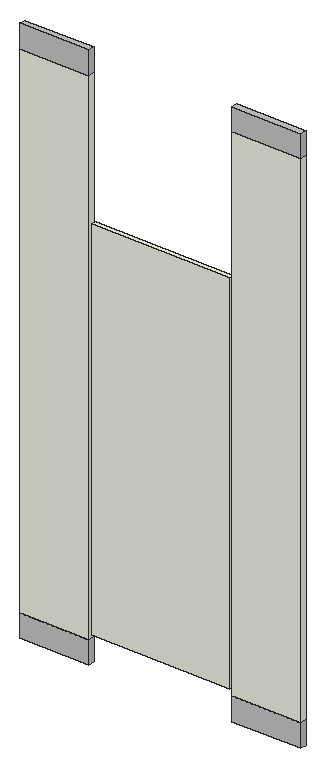
Revit family "Toilet_Partition-Bobrick-B1086-Floor_To_Ceiling_Anchored", category Specialty Equipment, host Floor, Revit 2012
Parameters (values of type "B-1086")
  URL = "http://www.bobrick.com"
  Partition Material = Laminated Plastic - Bobrick - Designer White
  Panel Value = if(DoorPanel Width < 1", 1", if(DoorPanel Width > 84", 84", DoorPanel Width))  # 24"
  Model = "B1086 DuraLineSeries Floor-to-Ceiling-Anchored"
  Manufacturer = "Bobrick Washroom Equipment, Inc."
  Inswing Value = if(DoorPanel Width < 22", 22", if(DoorPanel Width > 37", 37", DoorPanel Width))  # 24"
  DoorPanel Width = 24"
  Right Stile Width = 12"
  Right Stile Visible = yes
  Right Stile Value = if(Right Stile Width < 3", 3", if(Right Stile Width > 24", 24", Right Stile Width))  # 12"
  Panel = not(Door Panel)  # no
  Outswing Value = if(DoorPanel Width < 25", 25", if(DoorPanel Width > 37", 37", DoorPanel Width))  # 25"
  Outswing = and(not(Inswing Visibility), Door Panel)  # no
  Left Stile Width = 12"
  Left Stile Visible = yes
  Left Stile Value = if(Left Stile Width < 3", 3", if(Left Stile Width > 24", 24", Left Stile Width))  # 12"
  Inswing Visibility = and(Inswing, Door Panel)  # yes
  Inswing = yes
  Width Value = if(Inswing Visibility, Inswing Value, if(Outswing, Outswing Value, if(Panel, Panel Value, 36")))  # 24"
  Door Panel = yes
  Description = "Water and Fire-Resistant Solid Phenolic Partitions and Screens"
  Ceiling Height [instance] = 96"
  Assembly Code = "C1030200"
  ADA Compliant = yes
Reference planes (in)
  plane 1 "Center (Front/Back)": y = 0
  plane 2: z = 0
  plane 3 "Center (Left/Right)": x = 0
  plane 4: x = -24.5
  plane 5: x = 24.5
  plane 6: y = 0.5
  plane 7: y = -0.5
  plane 8: x = -12.5
  plane 9: x = 12.5
  plane 10: x = -12
  plane 11: x = 12
  plane 12: z = 4
  plane 13: z = 4.9375
  plane 14: z = 69
  plane 15: z = 36.96875
  plane 16: y = 24.5
  plane 17: x = 11
  plane 18: z = 96
  plane 19: z = 92
Forms (in)
  Extrusion 1, solid, material "Laminated Plastic - Bobrick - Designer White" <- "Partition Material", visible <- "Left Stile Visible"
    sketch origin (0, 0, 0) x (1, 0, 0) y (0, 1, 0)
      loop
        line (-24.5, 0.5) -> (-24.5, -0.5) -> (-12.5, -0.5) -> (-12.5, 0.5) -> (-24.5, 0.5)
    from 4 to 92
  Extrusion 2, solid, material "Stainless Steel - Bobrick - Satin", visible <- "Left Stile Visible"
    sketch origin (0, 0, 0) x (1, 0, 0) y (0, 1, 0)
      loop
        line (-24.5, 0.5) -> (-24.5, -0.5) -> (-12.5, -0.5) -> (-12.5, 0.5) -> (-24.5, 0.5)
    from 0 to 4
  Extrusion 3, solid, material "Laminated Plastic - Bobrick - Designer White" <- "Partition Material"
    sketch origin (0, 0, 0) x (1, 0, 0) y (0, 1, 0)
      loop
        line (-12, 0.5) -> (-12, -0.5) -> (12, -0.5) -> (12, 0.5) -> (-12, 0.5)
    from 4.9375 to 69
  Extrusion 4, solid, material "Laminated Plastic - Bobrick - Designer White" <- "Partition Material", visible <- "Right Stile Visible"
    sketch origin (0, 0, 0) x (-1, 0, 0) y (0, -1, 0)
      loop
        line (-24.5, -0.5) -> (-12.5, -0.5) -> (-12.5, 0.5) -> (-24.5, 0.5) -> (-24.5, -0.5)
    from 4 to 92
  Extrusion 5, solid, material "Stainless Steel - Bobrick - Satin", visible <- "Right Stile Visible"
    sketch origin (0, 0, 0) x (-1, 0, 0) y (0, -1, 0)
      loop
        line (-24.5, -0.5) -> (-12.5, -0.5) -> (-12.5, 0.5) -> (-24.5, 0.5) -> (-24.5, -0.5)
    from 0 to 4
  Extrusion 6, solid, material "Stainless Steel - Bobrick - Satin", visible <- "Left Stile Visible"
    sketch origin (0, 0, 104) x (1, 0, 0) y (0, 1, 0)
      loop
        line (-24.5, 0.5) -> (-24.5, -0.5) -> (-12.5, -0.5) -> (-12.5, 0.5) -> (-24.5, 0.5)
    from -12 to -8
  Extrusion 7, solid, material "Stainless Steel - Bobrick - Satin", visible <- "Right Stile Visible"
    sketch origin (0, 0, 92) x (-1, 0, 0) y (0, -1, 0)
      loop
        line (-24.5, -0.5) -> (-12.5, -0.5) -> (-12.5, 0.5) -> (-24.5, 0.5) -> (-24.5, -0.5)
    from 0 to 4
Lines and regions (in)
  Masking region 1, visible <- "Left Stile Visible"
    outline origin (0, 0, 0) x (1, 0, 0) y (0, 0, 1)
      loop
        line (-24.5, 96) -> (-24.5, 0) -> (-12.5, 0) -> (-12.5, 96) -> (-24.5, 96)
  Masking region 2
    outline origin (0, 0, 0) x (1, 0, 0) y (0, 0, 1)
      loop
        line (-12, 69) -> (-12, 4.9375) -> (12, 4.9375) -> (12, 69) -> (-12, 69)
  Masking region 3, visible <- "Right Stile Visible"
    outline origin (0, 0, 0) x (1, 0, 0) y (0, 0, 1)
      loop
        line (12.5, 96) -> (12.5, 0) -> (24.5, 0) -> (24.5, 96) -> (12.5, 96)
  Masking region 4, visible <- "Door Panel"
    outline origin (0, 0, 0) x (1, 0, 0) y (0, 1, 0)
      loop
        line (11, 24.5) -> (11, 0.5) -> (12, 0.5) -> (12, 24.5) -> (11, 24.5)
  Masking region 5, visible <- "Left Stile Visible"
    outline origin (0, 0, 0) x (1, 0, 0) y (0, 1, 0)
      loop
        line (-24.5, 0.5) -> (-24.5, -0.5) -> (-12.5, -0.5) -> (-12.5, 0.5) -> (-24.5, 0.5)
  Masking region 6, visible <- "Right Stile Visible"
    outline origin (0, 0, 0) x (1, 0, 0) y (0, 1, 0)
      loop
        line (12.5, 0.5) -> (12.5, -0.5) -> (24.5, -0.5) -> (24.5, 0.5) -> (12.5, 0.5)
  Masking region 7, visible <- "Panel"
    outline origin (0, 0, 0) x (1, 0, 0) y (0, 1, 0)
      loop
        line (-12, -0.5) -> (12, -0.5) -> (12, 0.5) -> (-12, 0.5) -> (-12, -0.5)
  Masking region 8
    outline origin (0, 0, 0) x (0, 1, 0) y (0, 0, 1)
      loop
        line (0.5, 69) -> (-0.5, 69) -> (-0.5, 0) -> (0.5, 0) -> (0.5, 69)
  symbolic lines, visible <- "Left Stile Visible"
    curve 1: line (-24.5, 0, 4) -> (-12.5, 0, 4)
    curve 7: line (-24.5, 0, 92) -> (-12.5, 0, 92)
  symbolic lines, visible <- "Right Stile Visible"
    curve 2: line (12.5, 0, 4) -> (24.5, 0, 4)
    curve 8: line (12.5, 0, 92) -> (24.5, 0, 92)
  symbolic lines, style "Partition Elevation Swing", visible <- "Door Panel"
    curve 3: line (-12, 0, 69) -> (12, 0, 36.86666)
    curve 4: line (12, 0, 36.86666) -> (-12, 0, 4.9375)
    curve 5: arc (-12, 0.5, 0) -> (-4.97056, 17.47056, 0) -> (12, 24.5, 0) r 24
  symbolic lines, style "Partition"
    curve 6: line (0, 0.5, 4) -> (0, -0.5, 4)
Dimensions and locks (in)
  equal spacing: host sketch curve, plane 1 "Center (Front/Back)", host sketch curve
  equal spacing: host sketch curve, plane 3 "Center (Left/Right)", host sketch curve
  host sketch curve to host sketch curve = 120"  (x2)
  locked: plane 8 to plane 10 at 0.5
  locked: plane 11 to plane 9 at 0.5
  "Width Value": plane 10 to plane 11
  equal spacing: plane 10, plane 3 "Center (Left/Right)", plane 11
  "Left Stile Value": plane 4 to plane 8
  "Right Stile Value": plane 9 to plane 5
  locked: plane 12 to level at 4
  locked: plane 13 to level at 4.9375
  locked: plane 14 to level at 69
  locked: plane 6 to plane 7 at 1
  equal spacing: plane 6, plane 1 "Center (Front/Back)", plane 7
  equal spacing: plane 14, plane 15, plane 13
  "Width Value": plane 16 to plane 6
  locked: plane 17 to plane 11 at 1
  "Ceiling Height": plane 18 to level
  locked: plane 18 to plane 19 at 4
  aligned and locked: level to plane 2
  aligned and locked: Extrusion 1 sketch curve to plane 6
  aligned and locked: plane 4 to Extrusion 1 sketch curve
  aligned and locked: plane 7 to Extrusion 1 sketch curve
  aligned and locked: Extrusion 1 sketch curve to plane 8
  aligned: Extrusion 1 to level
  aligned and locked: Extrusion 1 to plane 12
  aligned and locked: plane 4 to Extrusion 2 sketch curve
  aligned and locked: Extrusion 2 sketch curve to plane 6
  aligned and locked: Extrusion 2 sketch curve to plane 8
  aligned and locked: plane 7 to Extrusion 2 sketch curve
  aligned and locked: plane 12 to Extrusion 2
  aligned and locked: Extrusion 2 to level
  aligned and locked: plane 10 to Extrusion 3 sketch curve
  aligned and locked: Extrusion 3 sketch curve to plane 6
  aligned and locked: plane 7 to Extrusion 3 sketch curve
  aligned and locked: Extrusion 3 sketch curve to plane 11
  aligned and locked: plane 14 to Extrusion 3
  aligned and locked: Extrusion 3 to plane 13
  aligned and locked: Extrusion 5 sketch curve to plane 9
  aligned and locked: plane 6 to Extrusion 5 sketch curve
  aligned and locked: plane 5 to Extrusion 5 sketch curve
  aligned and locked: Extrusion 5 sketch curve to plane 7
  aligned and locked: Extrusion 4 sketch curve to plane 9
  aligned and locked: plane 6 to Extrusion 4 sketch curve
  aligned and locked: Extrusion 4 sketch curve to plane 7
  aligned and locked: plane 5 to Extrusion 4 sketch curve
  aligned and locked: Masking region 1 sketch curve to plane 4
  aligned and locked: Masking region 1 sketch curve to level
  aligned and locked: Masking region 1 sketch curve to plane 8
  aligned and locked: Masking region 2 sketch curve to plane 14
  aligned and locked: Masking region 2 sketch curve to plane 10
  aligned and locked: Masking region 2 sketch curve to plane 11
  aligned and locked: Masking region 2 sketch curve to plane 13
  aligned and locked: Masking region 3 sketch curve to plane 9
  aligned and locked: Masking region 3 sketch curve to plane 5
  aligned and locked: Masking region 3 sketch curve to level
  aligned and locked: curve 1 to plane 12
  aligned and locked: plane 4 to curve 1
  aligned and locked: plane 8 to curve 1
  aligned and locked: curve 2 to plane 12
  aligned and locked: plane 5 to curve 2
  aligned and locked: plane 9 to curve 2
  aligned and locked: plane 14 to curve 3
  aligned and locked: plane 10 to curve 3
  aligned and locked: plane 11 to curve 4
  aligned and locked: plane 10 to curve 4
  aligned and locked: plane 13 to curve 4
  aligned and locked: Masking region 4 sketch curve to plane 16
  aligned and locked: plane 17 to Masking region 4 sketch curve
  aligned and locked: plane 6 to Masking region 4 sketch curve
  aligned and locked: Masking region 4 sketch curve to plane 11
  aligned and locked: Masking region 5 sketch curve to plane 6
  aligned and locked: plane 4 to Masking region 5 sketch curve
  aligned and locked: plane 7 to Masking region 5 sketch curve
  aligned and locked: Masking region 5 sketch curve to plane 8
  aligned and locked: Masking region 6 sketch curve to plane 6
  aligned and locked: plane 9 to Masking region 6 sketch curve
  aligned and locked: plane 7 to Masking region 6 sketch curve
  aligned and locked: Masking region 6 sketch curve to plane 5
  aligned and locked: Masking region 4 to curve 5
  aligned and locked: plane 10 to curve 5
  aligned and locked: plane 6 to curve 5  (x2)
  aligned and locked: plane 11 to curve 5
  aligned and locked: Masking region 7 sketch curve to plane 7
  aligned and locked: Masking region 7 sketch curve to plane 10
  aligned and locked: plane 6 to Masking region 7 sketch curve
  aligned and locked: plane 11 to Masking region 7 sketch curve
  aligned and locked: level to Masking region 8 sketch curve
  aligned and locked: Masking region 8 sketch curve to plane 14
  aligned and locked: Masking region 8 sketch curve to plane 6
  aligned and locked: plane 7 to Masking region 8 sketch curve
  aligned and locked: plane 12 to curve 6
  aligned and locked: plane 7 to curve 6
  aligned and locked: plane 6 to curve 6
  aligned and locked: Extrusion 5 to level
  aligned and locked: plane 19 to Extrusion 1
  aligned and locked: plane 19 to Extrusion 4
  aligned and locked: Extrusion 1 to plane 19
  aligned and locked: plane 18 to Extrusion 6
  aligned and locked: Extrusion 6 to plane 19
  aligned and locked: Extrusion 6 to plane 4
  aligned and locked: plane 8 to Extrusion 6
  aligned and locked: Extrusion 6 to plane 7
  aligned and locked: plane 6 to Extrusion 6
  aligned and locked: plane 18 to Masking region 1
  aligned and locked: curve 7 to plane 19
  aligned and locked: plane 18 to Extrusion 7
  aligned and locked: plane 5 to Extrusion 7
  aligned and locked: Extrusion 7 to plane 9
  aligned and locked: Extrusion 7 to plane 19
  aligned and locked: Extrusion 7 to plane 7
  aligned and locked: plane 6 to Extrusion 7
  aligned and locked: plane 18 to Masking region 3
  aligned and locked: curve 8 to plane 19
  aligned and locked: Extrusion 4 to plane 12
  aligned and locked: plane 12 to Extrusion 5
Automatic sketch dimensions
  curve 7 to plane 4 = 0"
  curve 7 to plane 8 = 0"
  curve 8 to plane 9 = 0"
  curve 8 to plane 5 = 0"
  curve 3 to plane 15 = 0.10209"
  Masking region 1 sketch curve to plane 18 = 0"
  Masking region 3 sketch curve to plane 18 = 0"
  Extrusion 6 sketch curve to plane 4 = 0"
  Extrusion 6 sketch curve to plane 7 = 0"
  Extrusion 6 sketch curve to plane 8 = 0"
  Extrusion 6 sketch curve to plane 6 = 0"
  Extrusion 7 sketch curve to plane 5 = 0"
  plane 7 to Extrusion 7 sketch curve = 0"
  Extrusion 7 sketch curve to plane 9 = 0"
  Extrusion 7 sketch curve to plane 6 = 0"
